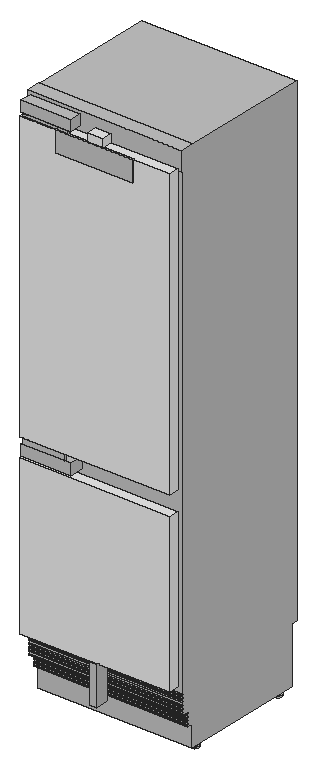
Revit family "FP_Revit_18_RS2484WLU1_Fridge_90001067A", category Specialty Equipment, Revit 2018 (continued)
Definition of nested family "Handle Professional Round - Vertical"
  Automatic sketch dimensions
    Sweep 5 sketch curve to profile plane = 3 mm  (x2)
    Extrusion 6 sketch curve to plane 3 "Center (Left/Right)" = 0 mm
    Extrusion 6 sketch curve to plane 3 "Center (Left/Right)" = 18.5 mm
    plane 1 "Center (Front/Back)" to Extrusion 6 sketch curve = 41.7 mm
    Extrusion 6 sketch curve to Extrusion 6 sketch curve = 41.7 mm
    Extrusion 7 sketch curve to plane 3 "Center (Left/Right)" = 0 mm
    Extrusion 7 sketch curve to plane 3 "Center (Left/Right)" = 18.5 mm
    plane 1 "Center (Front/Back)" to Extrusion 7 sketch curve = 41.7 mm
    Extrusion 7 sketch curve to Extrusion 7 sketch curve = 41.7 mm
    radius of Extrusion 3 sketch curve = 12.7 mm
Definition of nested family "Handle Professional Round Flush - Vertical"
  Parameters (values of type "AHP3-RD84 - Professional round flush handle (Vertical) 677mm")
    URL = "www.fisherpaykel.com"
    Material - Handle = none
    Manufacturer = "Fisher & Paykel Appliances"
    Handle - Length = 677 mm
  Types (4): name
    (no name)
    AHP3RD2484W - Professional round flush handle (1 of 2) (Vertical) 677mm
    AHP3RD3084W - Professional round flush handle (1 of 2) (Vertical) 677mm
    AHP3-RD84 - Professional round flush handle (Vertical) 677mm
  Reference planes
    plane 1 "Center (Front/Back)": y = 0
    plane 2: z = 0
    plane 3 "Center (Left/Right)": x = 0
    plane 4 "Top": z = 338.5
    plane 5 "Bottom": z = -338.5
    plane 6 "Top Standoff": z = 303.5
    plane 7 "Bottom Standoff": z = -303.5
  Forms (mm)
    Extrusion 1, solid, material <- "Material - Handle", detail levels fine
      sketch origin (0, 0, 0) x (1, 0, 0) y (0, 1, 0)
        loop
          arc (-12.817, -46.665) -> (0, -58.016) -> (12.817, -46.665) r 12.912
          line (12.817, -46.665) -> (18.5, 0) -> (-18.5, 0) -> (-12.817, -46.665)
      from 303.5 to 338.5
    Extrusion 2, solid, material <- "Material - Handle", detail levels fine
      sketch origin (0, 0, 0) x (1, 0, 0) y (0, 1, 0)
        loop
          arc (-12.817, -46.665) -> (0, -58.016) -> (12.817, -46.665) r 12.912
          line (12.817, -46.665) -> (18.5, 0) -> (-18.5, 0) -> (-12.817, -46.665)
      from -338.5 to -303.5
    Extrusion 3, solid, material <- "Material - Handle"
      sketch origin (0, 0, 0) x (1, 0, 0) y (0, 1, 0)
        loop
          circle (0, -45.116) r 12.7
      from -303.5 to 303.5
    Sweep 4, void
      path in 3D
        loop
          line (18.5, 0, 338.5) -> (12.817, -46.665, 338.5)
          arc (12.817, -46.665, 338.5) -> (0, -58.016, 338.5) -> (-12.817, -46.665, 338.5) r 12.912
          line (-12.817, -46.665, 338.5) -> (-18.5, 0, 338.5)
      profile origin (0, -58.016, 338.5) x (0, -1, 0) y (0, 0, 1)
        loop
          line (0, 0) -> (-1.5, 0) -> (0, -1.5) -> (0, 0)
    Sweep 5, void
      path in 3D
        loop
          line (-18.5, 0, -338.5) -> (-12.817, -46.665, -338.5)
          arc (-12.817, -46.665, -338.5) -> (0, -58.016, -338.5) -> (12.817, -46.665, -338.5) r 12.912
          line (12.817, -46.665, -338.5) -> (18.5, 0, -338.5)
      profile origin (0, -58.016, -338.5) x (0, -1, 0) y (0, 0, -1)
        loop
          line (0, 0) -> (-1.5, 0) -> (0, -1.5) -> (0, 0)
    Extrusion 6, solid, material <- "Material - Handle", detail levels coarse+medium
      sketch origin (0, 0, 0) x (1, 0, 0) y (0, 1, 0)
        loop
          arc (-12.817, -46.665) -> (0, -58.016) -> (12.817, -46.665) r 12.912
          line (12.817, -46.665) -> (18.5, 0) -> (-18.5, 0) -> (-12.817, -46.665)
      from 303.5 to 338.5
    Extrusion 7, solid, material <- "Material - Handle", detail levels coarse+medium
      sketch origin (0, 0, 0) x (1, 0, 0) y (0, 1, 0)
        loop
          arc (-12.817, -46.665) -> (0, -58.016) -> (12.817, -46.665) r 12.912
          line (12.817, -46.665) -> (18.5, 0) -> (-18.5, 0) -> (-12.817, -46.665)
      from -338.5 to -303.5
  Cuts and joins
    Sweep 4 cuts Extrusion 1
    Sweep 5 cuts Extrusion 2
  Lines and regions (mm)
    sketch lines
      curve 1: arc (12.817, -46.665, 338.5) -> (0, -58.016, 338.5) -> (-12.817, -46.665, 338.5) r 12.912
      curve 2: line (12.817, -46.665, 338.5) -> (18.5, 0, 338.5)
      curve 3: line (-18.5, 0, 338.5) -> (-12.817, -46.665, 338.5)
      curve 4: arc (-12.817, -46.665, -338.5) -> (0, -58.016, -338.5) -> (12.817, -46.665, -338.5) r 12.912
      curve 5: line (18.5, 0, -338.5) -> (12.817, -46.665, -338.5)
      curve 6: line (-12.817, -46.665, -338.5) -> (-18.5, 0, -338.5)
  Dimensions and locks
    equal spacing: plane 4 "Top", level, plane 5 "Bottom"
    "Handle - Length": plane 4 "Top" to plane 5 "Bottom"
    aligned and locked: level to plane 2
    aligned and locked: plane 4 "Top" to Extrusion 1
    aligned and locked: Extrusion 1 to plane 6 "Top Standoff"
    aligned and locked: Extrusion 2 to plane 5 "Bottom"
    aligned and locked: plane 1 "Center (Front/Back)" to Extrusion 2 sketch curve
    aligned and locked: plane 6 "Top Standoff" to Extrusion 3
    aligned and locked: Extrusion 3 to plane 7 "Bottom Standoff"
  Automatic sketch dimensions
    plane 1 "Center (Front/Back)" to Extrusion 1 sketch curve = 0 mm
    Extrusion 1 sketch curve to plane 3 "Center (Left/Right)" = 0 mm
    Extrusion 1 sketch curve to plane 3 "Center (Left/Right)" = 12.817 mm
    Extrusion 1 sketch curve to plane 3 "Center (Left/Right)" = 18.5 mm
    plane 3 "Center (Left/Right)" to Extrusion 1 sketch curve = 12.817 mm
    plane 3 "Center (Left/Right)" to Extrusion 1 sketch curve = 18.5 mm
    plane 1 "Center (Front/Back)" to Extrusion 1 sketch curve = 45.104 mm
    Extrusion 1 sketch curve to Extrusion 1 sketch curve = 1.561 mm
    Extrusion 2 sketch curve to plane 3 "Center (Left/Right)" = 0 mm
    Extrusion 2 sketch curve to plane 3 "Center (Left/Right)" = 12.817 mm
    Extrusion 2 sketch curve to plane 3 "Center (Left/Right)" = 18.5 mm
    plane 3 "Center (Left/Right)" to Extrusion 2 sketch curve = 12.817 mm
    plane 3 "Center (Left/Right)" to Extrusion 2 sketch curve = 18.5 mm
    plane 1 "Center (Front/Back)" to Extrusion 2 sketch curve = 45.104 mm
    Extrusion 2 sketch curve to Extrusion 2 sketch curve = 1.561 mm
    Extrusion 3 sketch curve to plane 3 "Center (Left/Right)" = 0 mm
    plane 1 "Center (Front/Back)" to Extrusion 3 sketch curve = 45.116 mm
    Sweep 4 sketch curve to profile plane = 0 mm  (x2)
    profile plane to Sweep 4 sketch curve = 1.5 mm
    Sweep 4 sketch curve to profile plane = 1.5 mm
    profile plane to Sweep 5 sketch curve = 0 mm
    Sweep 5 sketch curve to profile plane = 0 mm
    profile plane to Sweep 5 sketch curve = 1.5 mm
    Sweep 5 sketch curve to profile plane = 1.5 mm
    Extrusion 6 sketch curve to plane 3 "Center (Left/Right)" = 0 mm
    Extrusion 6 sketch curve to plane 3 "Center (Left/Right)" = 12.817 mm
    Extrusion 6 sketch curve to plane 3 "Center (Left/Right)" = 18.5 mm
    plane 3 "Center (Left/Right)" to Extrusion 6 sketch curve = 12.817 mm
    plane 3 "Center (Left/Right)" to Extrusion 6 sketch curve = 18.5 mm
    plane 1 "Center (Front/Back)" to Extrusion 6 sketch curve = 46.665 mm
    Extrusion 6 sketch curve to Extrusion 6 sketch curve = 1.561 mm
    Extrusion 6 sketch curve to Extrusion 6 sketch curve = 46.665 mm
    Extrusion 7 sketch curve to plane 3 "Center (Left/Right)" = 0 mm
    Extrusion 7 sketch curve to plane 3 "Center (Left/Right)" = 12.817 mm
    Extrusion 7 sketch curve to plane 3 "Center (Left/Right)" = 18.5 mm
    plane 3 "Center (Left/Right)" to Extrusion 7 sketch curve = 12.817 mm
    plane 3 "Center (Left/Right)" to Extrusion 7 sketch curve = 18.5 mm
    plane 1 "Center (Front/Back)" to Extrusion 7 sketch curve = 46.665 mm
    Extrusion 7 sketch curve to Extrusion 7 sketch curve = 1.561 mm
    Extrusion 7 sketch curve to Extrusion 7 sketch curve = 46.665 mm
    radius of Extrusion 3 sketch curve = 12.7 mm
Definition of nested family "Handle Professional Square - Vertical"
  Parameters (values of type "AHV2RS3272A - Professional square handle (1 of 2) (Vertical) 727mm")
    URL = "www.fisherpaykel.com"
    Material - Handle = none
    Manufacturer = "Fisher & Paykel Appliances"
    Handle - Length = 727 mm
  Types (5, lengths in mm): name | Handle - Length
    (no name) | 727
    AHV2RD2484W - Professional square handle (1 of 2) (Vertical) 727mm | 727
    AHV2RD3084W - Professional square handle (1 of 2) (Vertical) 727mm | 727
    AHV2-RD84 - Professional square handle (Vertical) 792mm | 792
    AHV2RS3272A - Professional square handle (1 of 2) (Vertical) 727mm | 727
  Reference planes
    plane 1 "Center (Front/Back)": y = 0
    plane 2: z = 0
    plane 3 "Center (Left/Right)": x = 0
    plane 4 "Top": z = 363.5
    plane 5 "Bottom": z = -363.5
    plane 6 "Top Standoff": z = 313.5
    plane 7 "Bottom Standoff": z = -313.5
  Forms (mm)
    Extrusion 1, solid, material <- "Material - Handle", detail levels fine
      sketch origin (0, 0, 0) x (0, 1, 0) y (0, 0, 1)
        loop
          line (0, 363.5) -> (-40, 363.5)
          arc (-40, 363.5) -> (-47.071, 360.571) -> (-50, 353.5) r 10
          line (-50, 353.5) -> (-50, 313.5) -> (0, 313.5) -> (0, 363.5)
        loop
          line (0, -363.5) -> (0, -313.5) -> (-50, -313.5) -> (-50, -353.5)
          arc (-50, -353.5) -> (-47.071, -360.571) -> (-40, -363.5) r 10
          line (-40, -363.5) -> (0, -363.5)
      from -17.5 to 17.5
    Sweep 2, void
      path in 3D
        loop
          line (17.5, 0, 363.5) -> (17.5, -40, 363.5)
          arc (17.5, -40, 363.5) -> (17.5, -47.071, 360.571) -> (17.5, -50, 353.5) r 10
          line (17.5, -50, 353.5) -> (17.5, -50, 313.5)
      profile origin (17.5, -20, 363.5) x (1, 0, 0) y (0, 0, 1)
        loop
          line (0, 0) -> (-2.5, 0) -> (0, -2.5) -> (0, 0)
    Sweep 3, void
      path in 3D
        loop
          line (-17.5, -50, 313.5) -> (-17.5, -50, 353.5)
          arc (-17.5, -50, 353.5) -> (-17.5, -47.071, 360.571) -> (-17.5, -40, 363.5) r 10
          line (-17.5, -40, 363.5) -> (-17.5, 0, 363.5)
      profile origin (-17.5, -20, 363.5) x (-1, 0, 0) y (0, 0, 1)
        loop
          line (0, 0) -> (-2.5, 0) -> (0, -2.5) -> (0, 0)
    Sweep 4, void
      path in 3D
        loop
          line (17.5, -50, -313.5) -> (17.5, -50, -353.5)
          arc (17.5, -50, -353.5) -> (17.5, -47.071, -360.571) -> (17.5, -40, -363.5) r 10
          line (17.5, -40, -363.5) -> (17.5, 0, -363.5)
      profile origin (17.5, -20, -363.5) x (1, 0, 0) y (0, 0, -1)
        loop
          line (0, 0) -> (-2.5, 0) -> (0, -2.5) -> (0, 0)
    Sweep 5, void
      path in 3D
        loop
          line (-17.5, 0, -363.5) -> (-17.5, -40, -363.5)
          arc (-17.5, -40, -363.5) -> (-17.5, -47.071, -360.571) -> (-17.5, -50, -353.5) r 10
          line (-17.5, -50, -353.5) -> (-17.5, -50, -313.5)
      profile origin (-17.5, -20, -363.5) x (-1, 0, 0) y (0, 0, -1)
        loop
          line (0, 0) -> (-2.5, 0) -> (0, -2.5) -> (0, 0)
    Extrusion 6, solid, material <- "Material - Handle", detail levels fine
      sketch origin (0, 0, 0) x (1, 0, 0) y (0, 1, 0)
        loop
          line (-15.5, -36.737) -> (-15.5, -46.422) -> (-14.172, -47.75) -> (14.172, -47.75) -> (15.5, -46.422) -> (15.5, -36.737)
          arc (15.5, -36.737) -> (0, -32.25) -> (-15.5, -36.737) r 29.013
      from -313.5 to 313.5
    Extrusion 7, solid, material <- "Material - Handle", detail levels coarse+medium
      sketch origin (0, 0, 0) x (0, 1, 0) y (0, 0, 1)
        loop
          line (0, 363.5) -> (-40, 363.5)
          arc (-40, 363.5) -> (-47.071, 360.571) -> (-50, 353.5) r 10
          line (-50, 353.5) -> (-50, -353.5)
          arc (-50, -353.5) -> (-47.071, -360.571) -> (-40, -363.5) r 10
          line (-40, -363.5) -> (0, -363.5) -> (0, -313.5) -> (-31.95, -313.5) -> (-31.95, 313.5) -> (0, 313.5) -> (0, 363.5)
      from -17.5 to 17.5
  Cuts and joins
    Sweep 2, Sweep 3, Sweep 4, Sweep 5 cuts Extrusion 1
  Lines and regions (mm)
    sketch lines
      curve 1: line (17.5, 0, 363.5) -> (17.5, -40, 363.5)
      curve 2: arc (17.5, -50, 353.5) -> (17.5, -47.071, 360.571) -> (17.5, -40, 363.5) r 10
      curve 3: line (17.5, -50, 353.5) -> (17.5, -50, 313.5)
      curve 4: line (-17.5, -40, 363.5) -> (-17.5, 0, 363.5)
      curve 5: arc (-17.5, -40, 363.5) -> (-17.5, -47.071, 360.571) -> (-17.5, -50, 353.5) r 10
      curve 6: line (-17.5, -50, 313.5) -> (-17.5, -50, 353.5)
      curve 7: line (17.5, -40, -363.5) -> (17.5, 0, -363.5)
      curve 8: arc (17.5, -40, -363.5) -> (17.5, -47.071, -360.571) -> (17.5, -50, -353.5) r 10
      curve 9: line (17.5, -50, -313.5) -> (17.5, -50, -353.5)
      curve 10: line (-17.5, 0, -363.5) -> (-17.5, -40, -363.5)
      curve 11: arc (-17.5, -50, -353.5) -> (-17.5, -47.071, -360.571) -> (-17.5, -40, -363.5) r 10
      curve 12: line (-17.5, -50, -353.5) -> (-17.5, -50, -313.5)
  Dimensions and locks
    equal spacing: plane 4 "Top", level, plane 5 "Bottom"
    "Handle - Length": plane 4 "Top" to plane 5 "Bottom"
    plane 7 "Bottom Standoff" to plane 5 "Bottom" = 50 mm
    plane 4 "Top" to plane 6 "Top Standoff" = 50 mm
    aligned and locked: level to plane 2
    aligned and locked: plane 4 "Top" to Extrusion 1 sketch curve
    aligned and locked: plane 5 "Bottom" to Extrusion 1 sketch curve
    aligned and locked: Extrusion 1 sketch curve to plane 1 "Center (Front/Back)"
    aligned and locked: plane 1 "Center (Front/Back)" to Extrusion 1 sketch curve
    aligned and locked: plane 6 "Top Standoff" to Extrusion 1 sketch curve
    aligned and locked: plane 7 "Bottom Standoff" to Extrusion 1 sketch curve
    aligned and locked: plane 6 "Top Standoff" to Extrusion 6
    aligned and locked: Extrusion 6 to plane 7 "Bottom Standoff"
    aligned and locked: plane 4 "Top" to Extrusion 7 sketch curve
    aligned and locked: plane 6 "Top Standoff" to Extrusion 7 sketch curve
    aligned and locked: plane 1 "Center (Front/Back)" to Extrusion 7 sketch curve
    aligned and locked: plane 7 "Bottom Standoff" to Extrusion 7 sketch curve
    aligned and locked: plane 5 "Bottom" to Extrusion 7 sketch curve
    aligned and locked: Extrusion 7 sketch curve to plane 1 "Center (Front/Back)"
  Automatic sketch dimensions
    Sweep 2 sketch curve to profile plane = 0 mm
    profile plane to Sweep 2 sketch curve = 0 mm
    profile plane to Sweep 2 sketch curve = 2.5 mm
    Sweep 2 sketch curve to profile plane = 2.5 mm
    Sweep 3 sketch curve to profile plane = 0 mm  (x2)
    profile plane to Sweep 3 sketch curve = 2.5 mm
    Sweep 3 sketch curve to profile plane = 2.5 mm
    Sweep 4 sketch curve to profile plane = 0 mm
    profile plane to Sweep 4 sketch curve = 0 mm
    profile plane to Sweep 4 sketch curve = 2.5 mm
    Sweep 4 sketch curve to profile plane = 2.5 mm
    Sweep 5 sketch curve to profile plane = 0 mm  (x2)
    profile plane to Sweep 5 sketch curve = 2.5 mm
    Sweep 5 sketch curve to profile plane = 2.5 mm
    plane 1 "Center (Front/Back)" to Extrusion 1 sketch curve = 40 mm  (x2)
    Extrusion 1 sketch curve to Extrusion 1 sketch curve = 10 mm  (x2)
    Extrusion 6 sketch curve to plane 3 "Center (Left/Right)" = 0 mm
    Extrusion 6 sketch curve to Extrusion 6 sketch curve = 1.328 mm  (x4)
    plane 1 "Center (Front/Back)" to Extrusion 6 sketch curve = 61.263 mm
    Extrusion 6 sketch curve to Extrusion 6 sketch curve = 13.513 mm
    Extrusion 6 sketch curve to Extrusion 6 sketch curve = 9.684 mm  (x2)
    Extrusion 6 sketch curve to plane 3 "Center (Left/Right)" = 14.172 mm
    plane 1 "Center (Front/Back)" to Extrusion 7 sketch curve = 31.95 mm
    plane 1 "Center (Front/Back)" to Extrusion 7 sketch curve = 40 mm  (x2)
    Extrusion 7 sketch curve to plane 4 "Top" = 10 mm
Definition of nested family "Handle Contemporary Round - Horizontal"
  Parameters (values of type "AHSRS80A - Contemporary round handle (2 of 2) (Horizontal) 646mm")
    URL = "www.fisherpaykel.com"
    Product - Width = 646 mm
    Material - Handle = none
    Manufacturer = "Fisher & Paykel Appliances"
  Types (5, lengths in mm): name | Product - Width
    (no name) | 646
    AHSRD2484W - Contemporary round handle (2 of 2) (Horizontal) 494mm | 494
    AHSRD3084W - Contemporary round handle (2 of 2) (Horizontal) 646mm | 646
    AHSRS3272A - Contemporary round handle (2 of 2) (Horizontal) 646mm | 646
    AHSRS80A - Contemporary round handle (2 of 2) (Horizontal) 646mm | 646
  Reference planes
    plane 1 "Center (Front/Back)": y = 0
    plane 2: z = 0
    plane 3 "Center (Left/Right)": x = 0
    plane 4 "Product LHS": x = -323
    plane 5 "Product RHS": x = 323
    plane 6 "LHS Standoff": x = -202.995
    plane 7 "RHS Standoff": x = 203.005
  Forms (mm)
    Extrusion 1, solid, material <- "Material - Handle"
      sketch origin (0, 0, 0) x (0, 1, 0) y (0, 0, 1)
        loop
          circle (-32.3, 0) r 8.7
      from -202.995 to 203.005
    Extrusion 2, solid, material <- "Material - Handle", detail levels fine
      sketch origin (0, 0, 0) x (0, 1, 0) y (0, 0, 1)
        loop
          line (0, 8.7) -> (-32.3, 8.7)
          arc (-32.3, 8.7) -> (-41, 0) -> (-32.3, -8.7) r 8.7
          line (-32.3, -8.7) -> (0, -8.7) -> (0, 8.7)
      from 203.005 to 323
    Extrusion 3, solid, material <- "Material - Handle", detail levels fine
      sketch origin (0, 0, 0) x (0, 1, 0) y (0, 0, -1)
        loop
          line (0, -8.7) -> (0, 8.7) -> (-32.3, 8.7)
          arc (-32.3, 8.7) -> (-41, 0) -> (-32.3, -8.7) r 8.7
          line (-32.3, -8.7) -> (0, -8.7)
      from 202.995 to 323
    Sweep 4, void
      path in 3D
        loop
          line (323, 0, 8.7) -> (323, -32.3, 8.7)
          arc (323, -32.3, 8.7) -> (323, -41, 0) -> (323, -32.3, -8.7) r 8.7
          line (323, -32.3, -8.7) -> (323, 0, -8.7)
      profile origin (323, -16.15, 8.7) x (1, 0, 0) y (0, 0, 1)
        loop
          line (0, 0) -> (-1, 0) -> (0, -1) -> (0, 0)
    Sweep 5, void
      path in 3D
        loop
          line (-323, 0, -8.7) -> (-323, -32.3, -8.7)
          arc (-323, -32.3, -8.7) -> (-323, -41, 0) -> (-323, -32.3, 8.7) r 8.7
          line (-323, -32.3, 8.7) -> (-323, 0, 8.7)
      profile origin (-323, -16.15, 8.7) x (-1, 0, 0) y (0, 0, 1)
        loop
          line (0, 0) -> (-1, 0) -> (0, -1) -> (0, 0)
    Extrusion 6, solid, material <- "Material - Handle", detail levels coarse+medium
      sketch origin (0, 0, 0) x (0, 1, 0) y (0, 0, 1)
        loop
          line (0, 8.7) -> (-32.3, 8.7)
          arc (-32.3, 8.7) -> (-41, 0) -> (-32.3, -8.7) r 8.7
          line (-32.3, -8.7) -> (0, -8.7) -> (0, 8.7)
      from 203.005 to 323
    Extrusion 7, solid, material <- "Material - Handle", detail levels coarse+medium
      sketch origin (0, 0, 0) x (0, 1, 0) y (0, 0, -1)
        loop
          line (0, -8.7) -> (0, 8.7) -> (-32.3, 8.7)
          arc (-32.3, 8.7) -> (-41, 0) -> (-32.3, -8.7) r 8.7
          line (-32.3, -8.7) -> (0, -8.7)
      from 202.995 to 323
  Cuts and joins
    Sweep 4 cuts Extrusion 2
    Sweep 5 cuts Extrusion 3
  Lines and regions (mm)
    sketch lines
      curve 1: line (323, 0, 8.7) -> (323, -32.3, 8.7)
      curve 2: arc (323, -32.3, -8.7) -> (323, -41, 0) -> (323, -32.3, 8.7) r 8.7
      curve 3: line (323, -32.3, -8.7) -> (323, 0, -8.7)
      curve 4: line (-323, -32.3, 8.7) -> (-323, 0, 8.7)
      curve 5: arc (-323, -32.3, 8.7) -> (-323, -41, 0) -> (-323, -32.3, -8.7) r 8.7
      curve 6: line (-323, 0, -8.7) -> (-323, -32.3, -8.7)
  Dimensions and locks
    equal spacing: plane 4 "Product LHS", plane 3 "Center (Left/Right)", plane 5 "Product RHS"
    "Product - Width": plane 4 "Product LHS" to plane 5 "Product RHS"
    locked: plane 4 "Product LHS" to plane 6 "LHS Standoff" at 120.005
    locked: plane 7 "RHS Standoff" to plane 5 "Product RHS" at 119.995
    equal spacing: Extrusion 2 sketch curve, level, Extrusion 2 sketch curve
    Extrusion 3 sketch curve to Extrusion 3 sketch curve = 17.4 mm
    Extrusion 6 sketch curve to Extrusion 6 sketch curve = 17.4 mm
    Extrusion 7 sketch curve to Extrusion 7 sketch curve = 17.4 mm
    aligned and locked: level to plane 2
    aligned and locked: plane 7 "RHS Standoff" to Extrusion 1
    aligned and locked: Extrusion 2 to Extrusion 1
    aligned and locked: Extrusion 2 to plane 5 "Product RHS"
    aligned and locked: plane 4 "Product LHS" to Extrusion 3
    aligned and locked: plane 6 "LHS Standoff" to Extrusion 3
    aligned and locked: Extrusion 1 to plane 6 "LHS Standoff"
    aligned and locked: Extrusion 6 to Extrusion 1
    aligned and locked: Extrusion 6 to plane 5 "Product RHS"
    aligned and locked: plane 4 "Product LHS" to Extrusion 7
    aligned and locked: Extrusion 7 to Extrusion 1
  Automatic sketch dimensions
    Extrusion 1 sketch curve to level = 0 mm
    plane 1 "Center (Front/Back)" to Extrusion 1 sketch curve = 32.3 mm
    Extrusion 2 sketch curve to plane 1 "Center (Front/Back)" = 0 mm
    Extrusion 2 sketch curve to level = 8.7 mm
    plane 1 "Center (Front/Back)" to Extrusion 2 sketch curve = 32.3 mm
    Extrusion 3 sketch curve to level = 0 mm
    Extrusion 3 sketch curve to plane 1 "Center (Front/Back)" = 0 mm
    Extrusion 3 sketch curve to level = 8.7 mm
    plane 1 "Center (Front/Back)" to Extrusion 3 sketch curve = 32.3 mm
    Sweep 4 sketch curve to profile plane = 0 mm
    profile plane to Sweep 4 sketch curve = 0 mm
    profile plane to Sweep 4 sketch curve = 1 mm
    Sweep 4 sketch curve to profile plane = 1 mm
    Sweep 5 sketch curve to profile plane = 0 mm  (x2)
    profile plane to Sweep 5 sketch curve = 1 mm
    Sweep 5 sketch curve to profile plane = 1 mm
    Extrusion 6 sketch curve to level = 0 mm
    level to Extrusion 6 sketch curve = 8.7 mm
    plane 1 "Center (Front/Back)" to Extrusion 6 sketch curve = 32.3 mm
    Extrusion 6 sketch curve to Extrusion 6 sketch curve = 32.3 mm
    Extrusion 7 sketch curve to level = 0 mm
    level to Extrusion 7 sketch curve = 8.7 mm
    plane 1 "Center (Front/Back)" to Extrusion 7 sketch curve = 32.3 mm
    Extrusion 7 sketch curve to Extrusion 7 sketch curve = 32.3 mm
    radius of Extrusion 1 sketch curve = 8.7 mm
Definition of nested family "Handle Contemporary Square - Horizontal"
  Parameters (values of type "AHD3RD3084W - Contemporary square handle (2 of 2) (Horizontal) 646mm")
    URL = "www.fisherpaykel.com"
    Material - Handle = none
    Manufacturer = "Fisher & Paykel Appliances"
    Handle - Length = 646 mm
  Types (5, lengths in mm): name | Handle - Length
    (no name) | 646
    AHD3RD2484W - Contemporary square handle (2 of 2) (Horizontal) 494mm | 494
    AHD3RD3084W - Contemporary square handle (2 of 2) (Horizontal) 646mm | 646
    AHD3RS3272A - Contemporary square handle (2 of 2) (Horizontal) 646mm | 646
    AHD3RS80A - Contemporary square handle (2 of 2) (Horizontal) 646mm | 646
  Reference planes
    plane 1 "Center (Front/Back)": y = 0
    plane 2: z = 0
    plane 3 "Center (Left/Right)": x = 0
    plane 4 "Product LHS": x = -323
    plane 5 "Product RHS": x = 323
    plane 6 "LHS Standoff": x = -202.995
    plane 7 "RHS Standoff": x = 203.005
  Forms (mm)
    Extrusion 1, solid, material <- "Material - Handle", detail levels fine
      sketch origin (0, 0, 0) x (0, 1, 0) y (0, 0, 1)
        loop
          arc (-28.701, 7.561) -> (-29.057, 7.868) -> (-29.514, 7.978) r 1
          line (-29.514, 7.978) -> (-40.5, 7.978)
          arc (-40.5, 7.978) -> (-41.561, 7.539) -> (-42, 6.478) r 1.5
          line (-42, 6.478) -> (-42, -6.522)
          arc (-42, -6.522) -> (-41.561, -7.583) -> (-40.5, -8.022) r 1.5
          line (-40.5, -8.022) -> (-29.487, -8.022)
          arc (-29.487, -8.022) -> (-29.029, -7.911) -> (-28.673, -7.602) r 1
          arc (-28.673, -7.602) -> (-26.256, -0.016) -> (-28.701, 7.561) r 13.038
      from -323 to 323
    Extrusion 2, solid, material <- "Material - Handle", detail levels fine
      sketch origin (0, 0, 0) x (0, 1, 0) y (0, 0, 1)
        loop
          arc (-28.23, 7.062) -> (-26.156, 0.008) -> (-28.198, -7.056) r 13.136
          arc (-28.198, -7.056) -> (-28.21, -7.463) -> (-27.86, -7.67) r 0.4
          line (-27.86, -7.67) -> (0, -7.67) -> (0, 7.678) -> (-27.893, 7.678)
          arc (-27.893, 7.678) -> (-28.244, 7.47) -> (-28.23, 7.062) r 0.4
      from 203.005 to 323
    Extrusion 3, solid, material <- "Material - Handle", detail levels fine
      sketch origin (0, 0, 0) x (0, 1, 0) y (0, 0, -1)
        loop
          arc (-28.23, -7.062) -> (-28.244, -7.47) -> (-27.893, -7.678) r 0.4
          line (-27.893, -7.678) -> (0, -7.678) -> (0, 7.67) -> (-27.86, 7.67)
          arc (-27.86, 7.67) -> (-28.21, 7.463) -> (-28.198, 7.056) r 0.4
          arc (-28.198, 7.056) -> (-26.156, -0.008) -> (-28.23, -7.062) r 13.136
      from 202.995 to 323
    Sweep 4, void
      path in 3D
        loop
          line (323, -29.514, 7.978) -> (323, -40.5, 7.978)
          arc (323, -40.5, 7.978) -> (323, -41.561, 7.539) -> (323, -42, 6.478) r 1.5
          line (323, -42, 6.478) -> (323, -42, -6.522)
          arc (323, -42, -6.522) -> (323, -41.561, -7.583) -> (323, -40.5, -8.022) r 1.5
          line (323, -40.5, -8.022) -> (323, -29.487, -8.022)
      profile origin (323, -35.007, 7.978) x (1, 0, 0) y (0, 0, 1)
        loop
          line (0, 0) -> (-1.3, 0) -> (0, -1.3) -> (0, 0)
    Sweep 5, void
      path in 3D
        loop
          line (-323, -29.487, -8.022) -> (-323, -40.5, -8.022)
          arc (-323, -40.5, -8.022) -> (-323, -41.561, -7.583) -> (-323, -42, -6.522) r 1.5
          line (-323, -42, -6.522) -> (-323, -42, 6.478)
          arc (-323, -42, 6.478) -> (-323, -41.561, 7.539) -> (-323, -40.5, 7.978) r 1.5
          line (-323, -40.5, 7.978) -> (-323, -29.514, 7.978)
      profile origin (-323, -35.007, 7.978) x (-1, 0, 0) y (0, 0, 1)
        loop
          line (0, 0) -> (-1.3, 0) -> (0, -1.3) -> (0, 0)
    Extrusion 6, void
      sketch origin (0, 0, 0) x (1, 0, 0) y (0, 0, 1)
        loop
          line (323, 7.978) -> (321.7, 7.978) -> (323, 6.678) -> (323, 7.978)
        loop
          line (323, -8.022) -> (323, -6.722) -> (321.7, -8.022) -> (323, -8.022)
      from 0 to 40
    Extrusion 7, void
      sketch origin (0, 0, 0) x (1, 0, 0) y (0, 0, 1)
        loop
          line (-323, 7.978) -> (-323, 6.678) -> (-321.7, 7.978) -> (-323, 7.978)
        loop
          line (-323, -8.022) -> (-321.7, -8.022) -> (-323, -6.722) -> (-323, -8.022)
      from 0 to 40
    Extrusion 8, solid, material <- "Material - Handle", detail levels coarse+medium
      sketch origin (0, 0, 0) x (1, 0, 0) y (0, 1, 0)
        loop
          line (-323, -42) -> (323, -42) -> (323, 0) -> (203.005, 0) -> (203.005, -26.156) -> (-202.995, -26.156) -> (-202.995, 0) -> (-323, 0) -> (-323, -42)
      from -8.022 to 7.978
  Cuts and joins
    Sweep 4, Sweep 5, Extrusion 6, Extrusion 7 cuts Extrusion 1
    Extrusion 6 cuts Extrusion 2
    Extrusion 7 cuts Extrusion 3
  Lines and regions (mm)
    sketch lines
      curve 1: line (323, -29.514, 7.978) -> (323, -40.5, 7.978)
      curve 2: arc (323, -42, 6.478) -> (323, -41.561, 7.539) -> (323, -40.5, 7.978) r 1.5
      curve 3: line (323, -42, 6.478) -> (323, -42, -6.522)
      curve 4: arc (323, -40.5, -8.022) -> (323, -41.561, -7.583) -> (323, -42, -6.522) r 1.5
      curve 5: line (323, -40.5, -8.022) -> (323, -29.487, -8.022)
      curve 6: line (-323, -40.5, 7.978) -> (-323, -29.514, 7.978)
      curve 7: arc (-323, -40.5, 7.978) -> (-323, -41.561, 7.539) -> (-323, -42, 6.478) r 1.5
      curve 8: line (-323, -42, -6.522) -> (-323, -42, 6.478)
      curve 9: arc (-323, -42, -6.522) -> (-323, -41.561, -7.583) -> (-323, -40.5, -8.022) r 1.5
      curve 10: line (-323, -29.487, -8.022) -> (-323, -40.5, -8.022)
  Dimensions and locks
    equal spacing: plane 4 "Product LHS", plane 3 "Center (Left/Right)", plane 5 "Product RHS"
    "Handle - Length": plane 4 "Product LHS" to plane 5 "Product RHS"
    locked: plane 4 "Product LHS" to plane 6 "LHS Standoff" at 120.005
    locked: plane 7 "RHS Standoff" to plane 5 "Product RHS" at 119.995
    aligned and locked: level to plane 2
    aligned and locked: Extrusion 1 to plane 5 "Product RHS"
    aligned and locked: plane 4 "Product LHS" to Extrusion 1
    aligned and locked: Extrusion 2 to plane 5 "Product RHS"
    aligned and locked: plane 4 "Product LHS" to Extrusion 3
    aligned and locked: plane 4 "Product LHS" to Extrusion 8 sketch curve
    aligned and locked: Extrusion 8 sketch curve to plane 5 "Product RHS"
    aligned and locked: Extrusion 8 sketch curve to plane 7 "RHS Standoff"
    aligned and locked: plane 6 "LHS Standoff" to Extrusion 8 sketch curve
    aligned and locked: Extrusion 2 to plane 7 "RHS Standoff"
    aligned and locked: plane 6 "LHS Standoff" to Extrusion 3
  Automatic sketch dimensions
    Extrusion 1 sketch curve to level = 6.522 mm
    plane 1 "Center (Front/Back)" to Extrusion 1 sketch curve = 42 mm
    Extrusion 1 sketch curve to Extrusion 1 sketch curve = 1.5 mm  (x2)
    Extrusion 1 sketch curve to level = 0.04 mm
    Extrusion 1 sketch curve to Extrusion 1 sketch curve = 1.206 mm
    level to Extrusion 1 sketch curve = 6.978 mm
    Extrusion 1 sketch curve to Extrusion 1 sketch curve = 10.986 mm
    Extrusion 1 sketch curve to Extrusion 1 sketch curve = 11.013 mm
    Extrusion 1 sketch curve to Extrusion 1 sketch curve = 1 mm
    level to Extrusion 1 sketch curve = 6.478 mm
    Extrusion 1 sketch curve to Extrusion 1 sketch curve = 0 mm
    Extrusion 2 sketch curve to plane 1 "Center (Front/Back)" = 0 mm
    Extrusion 2 sketch curve to level = 7.67 mm
    Extrusion 2 sketch curve to Extrusion 2 sketch curve = 27.86 mm
    level to Extrusion 2 sketch curve = 7.678 mm
    Extrusion 2 sketch curve to Extrusion 2 sketch curve = 0.033 mm
    Extrusion 2 sketch curve to level = 0.022 mm
    Extrusion 2 sketch curve to Extrusion 2 sketch curve = 11.398 mm
    Extrusion 2 sketch curve to Extrusion 2 sketch curve = 0.4 mm  (x2)
    Extrusion 2 sketch curve to Extrusion 2 sketch curve = 0 mm
    Extrusion 3 sketch curve to plane 1 "Center (Front/Back)" = 0 mm
    Extrusion 3 sketch curve to level = 7.67 mm
    Extrusion 3 sketch curve to Extrusion 3 sketch curve = 27.86 mm
    level to Extrusion 3 sketch curve = 7.678 mm
    Extrusion 3 sketch curve to Extrusion 3 sketch curve = 0.033 mm
    Extrusion 3 sketch curve to level = 0.022 mm
    Extrusion 3 sketch curve to Extrusion 3 sketch curve = 11.398 mm
    Extrusion 3 sketch curve to Extrusion 3 sketch curve = 0.4 mm  (x2)
    Extrusion 3 sketch curve to Extrusion 3 sketch curve = 0 mm
    profile plane to Sweep 4 sketch curve = 0 mm
    Sweep 4 sketch curve to profile plane = 0 mm
    Sweep 4 sketch curve to profile plane = 1.3 mm
    profile plane to Sweep 4 sketch curve = 1.3 mm
    Sweep 5 sketch curve to profile plane = 0 mm  (x2)
    profile plane to Sweep 5 sketch curve = 1.3 mm
    Sweep 5 sketch curve to profile plane = 1.3 mm
    plane 5 "Product RHS" to Extrusion 6 sketch curve = 0 mm  (x2)
    Extrusion 6 sketch curve to Extrusion 6 sketch curve = 1.3 mm  (x4)
    Extrusion 6 sketch curve to level = 6.722 mm
    level to Extrusion 6 sketch curve = 6.678 mm
    plane 4 "Product LHS" to Extrusion 7 sketch curve = 0 mm  (x2)
    Extrusion 7 sketch curve to plane 4 "Product LHS" = 1.3 mm  (x2)
    Extrusion 7 sketch curve to level = 8.022 mm
    level to Extrusion 7 sketch curve = 6.678 mm
    Extrusion 7 sketch curve to Extrusion 7 sketch curve = 1.3 mm  (x2)
    plane 1 "Center (Front/Back)" to Extrusion 8 sketch curve = 0 mm  (x2)
    Extrusion 8 sketch curve to Extrusion 8 sketch curve = 26.156 mm
    Extrusion 8 sketch curve to Extrusion 8 sketch curve = 42 mm
Definition of nested family "F&P Handle Kit - Contemporary Square Fine - Horizontal"
  Parameters (values of type "AHD5RD2484W - Contemporary square fine handle (2 of 2) (Horizontal) 494mm")
    URL = "www.fisherpaykel.com"
    Material - Handle = none
    Manufacturer = "Fisher & Paykel Appliances"
    Handle - Length = 494 mm
  Types (15, lengths in mm): name | Handle - Length
    (no name) | 494
    AHD5RD2484W - Contemporary square fine handle (2 of 2) (Horizontal) 494mm | 494
    AHD5RD2484WB - Contemporary square fine black handle (2 of 2) (Horizontal) 494mm | 494
    AHD5RD3084W - Contemporary square fine handle (2 of 2) (Horizontal) 646mm | 646
    AHD5RD3084WB - Contemporary square fine black handle (2 of 2) (Horizontal) 646mm | 646
    AHD5RD7621W - Contemporary square fine handle (2 of 2) (Horizontal) 646mm | 646
    AHD5RD7621WB - Contemporary square fine handle black (2 of 2) (Horizontal) 646mm | 646
    AHD5RD6121W - Contemporary square fine handle (2 of 2) (Horizontal) 494mm | 494
    AHD5RD6121WB - Contemporary square fine handle black (2 of 2) (Horizontal) 494mm | 494
    AHD5RD36A - Contemporary square fine handle (2 of 2) (Horizontal) 746mm | 746
    AHD5RD36AB - Contemporary square fine black handle (2 of 2) (Horizontal) 746mm | 746
    AHD5RD90A - Contemporary square fine handle (2 of 2) (Horizontal) 746mm | 746
    AHD5RD80A - Contemporary square fine handle (2 of 2) (Horizontal) 646mm | 646
    AHD5RD80AB - Contemporary square fine black handle (2 of 2) (Horizontal) 646mm | 646
    AHD5RD90AB - Contemporary square fine black handle (2 of 2) (Horizontal) 746mm | 746
  Reference planes
    plane 1 "Center (Front/Back)": y = 0
    plane 2: z = 0
    plane 3 "Center (Left/Right)": x = 0
    plane 4 "Product LHS": x = -247
    plane 5 "Product RHS": x = 247
    plane 6 "LHS Standoff": x = -126.995
    plane 7 "RHS Standoff": x = 127.005
  Forms (mm)
    Extrusion 1, solid, material <- "Material - Handle", detail levels fine
      sketch origin (0, 0, 0) x (0, 1, 0) y (0, 0, 1)
        loop
          arc (-26.813, 6.16) -> (-27.196, 6.554) -> (-27.728, 6.686) r 1
          line (-27.728, 6.686) -> (-40.035, 6.256)
          arc (-40.035, 6.256) -> (-40.719, 5.951) -> (-41, 5.257) r 1
          line (-41, 5.257) -> (-41, -5.257)
          arc (-41, -5.257) -> (-40.719, -5.951) -> (-40.035, -6.256) r 1
          line (-40.035, -6.256) -> (-27.709, -6.686)
          arc (-27.709, -6.686) -> (-27.175, -6.554) -> (-26.792, -6.158) r 1
          arc (-26.792, -6.158) -> (-25.256, 0.004) -> (-26.813, 6.16) r 13.038
      from -247 to 247
    Extrusion 2, solid, material <- "Material - Handle", detail levels fine
      sketch origin (0, 0, 0) x (0, 1, 0) y (0, 0, 1)
        loop
          arc (-26.626, -6.008) -> (-26.614, -6.49) -> (-26.2, -6.737) r 0.5
          line (-26.2, -6.737) -> (0, -7.696) -> (0, 7.704) -> (-26.174, 6.747)
          arc (-26.174, 6.747) -> (-26.587, 6.5) -> (-26.6, 6.019) r 0.5
          arc (-26.6, 6.019) -> (-25.156, 0.002) -> (-26.626, -6.008) r 13.136
      from 127.005 to 247
    Extrusion 3, solid, material <- "Material - Handle", detail levels coarse+medium
      sketch origin (0, 0, 0) x (1, 0, 0) y (0, 1, 0)
        loop
          line (-247, -42) -> (247, -42) -> (247, 0) -> (127.005, 0) -> (127.005, -26.156) -> (-126.995, -26.156) -> (-126.995, 0) -> (-247, 0) -> (-247, -42)
      from -8.022 to 7.978
    Extrusion 4, solid, material <- "Material - Handle", detail levels fine
      sketch origin (0, 0, 0) x (0, 1, 0) y (0, 0, 1)
        loop
          arc (-26.626, -6.008) -> (-26.614, -6.49) -> (-26.2, -6.737) r 0.5
          line (-26.2, -6.737) -> (0, -7.696) -> (0, 7.704) -> (-26.174, 6.747)
          arc (-26.174, 6.747) -> (-26.587, 6.5) -> (-26.6, 6.019) r 0.5
          arc (-26.6, 6.019) -> (-25.156, 0.002) -> (-26.626, -6.008) r 13.136
      from -247 to -126.995
  Dimensions and locks
    equal spacing: plane 4 "Product LHS", plane 3 "Center (Left/Right)", plane 5 "Product RHS"
    "Handle - Length": plane 4 "Product LHS" to plane 5 "Product RHS"
    locked: plane 4 "Product LHS" to plane 6 "LHS Standoff" at 120.005
    locked: plane 7 "RHS Standoff" to plane 5 "Product RHS" at 119.995
    aligned and locked: level to plane 2
    aligned and locked: Extrusion 1 to plane 5 "Product RHS"
    aligned and locked: plane 4 "Product LHS" to Extrusion 1
    aligned and locked: Extrusion 2 to plane 5 "Product RHS"
    aligned and locked: plane 4 "Product LHS" to Extrusion 3 sketch curve
    aligned and locked: Extrusion 3 sketch curve to plane 5 "Product RHS"
    aligned and locked: Extrusion 3 sketch curve to plane 7 "RHS Standoff"
    aligned and locked: plane 6 "LHS Standoff" to Extrusion 3 sketch curve
    aligned and locked: plane 4 "Product LHS" to Extrusion 4
    aligned and locked: plane 6 "LHS Standoff" to Extrusion 4
    aligned and locked: Extrusion 2 to plane 7 "RHS Standoff"
  Automatic sketch dimensions
    Extrusion 1 sketch curve to level = 5.257 mm
    plane 1 "Center (Front/Back)" to Extrusion 1 sketch curve = 41 mm
    level to Extrusion 1 sketch curve = 6.256 mm
    Extrusion 1 sketch curve to Extrusion 1 sketch curve = 0.965 mm  (x2)
    Extrusion 1 sketch curve to level = 6.256 mm
    Extrusion 1 sketch curve to Extrusion 1 sketch curve = 0.035 mm  (x3)
    Extrusion 1 sketch curve to level = 0.018 mm
    Extrusion 1 sketch curve to Extrusion 1 sketch curve = 1.706 mm
    level to Extrusion 1 sketch curve = 6.686 mm
    Extrusion 1 sketch curve to Extrusion 1 sketch curve = 12.307 mm
    Extrusion 1 sketch curve to level = 6.686 mm
    Extrusion 1 sketch curve to Extrusion 1 sketch curve = 12.326 mm
    Extrusion 1 sketch curve to Extrusion 1 sketch curve = 0.999 mm  (x2)
    Extrusion 1 sketch curve to Extrusion 1 sketch curve = 0 mm
    Extrusion 2 sketch curve to plane 1 "Center (Front/Back)" = 0 mm
    level to Extrusion 2 sketch curve = 6.247 mm
    plane 1 "Center (Front/Back)" to Extrusion 2 sketch curve = 26.155 mm
    level to Extrusion 2 sketch curve = 6.747 mm
    Extrusion 2 sketch curve to Extrusion 2 sketch curve = 0.018 mm  (x2)
    Extrusion 2 sketch curve to level = 6.238 mm
    Extrusion 2 sketch curve to Extrusion 2 sketch curve = 0.026 mm
    Extrusion 2 sketch curve to level = 6.737 mm
    level to Extrusion 2 sketch curve = 0.03 mm
    Extrusion 2 sketch curve to Extrusion 2 sketch curve = 12.11 mm
    Extrusion 2 sketch curve to level = 7.696 mm
    level to Extrusion 2 sketch curve = 7.704 mm
    Extrusion 2 sketch curve to Extrusion 2 sketch curve = 0 mm
    plane 1 "Center (Front/Back)" to Extrusion 3 sketch curve = 42 mm
    Extrusion 3 sketch curve to Extrusion 3 sketch curve = 15.844 mm
    Extrusion 3 sketch curve to Extrusion 3 sketch curve = 26.156 mm  (x2)
    level to Extrusion 4 sketch curve = 0.03 mm
    plane 1 "Center (Front/Back)" to Extrusion 4 sketch curve = 38.291 mm
    Extrusion 4 sketch curve to level = 6.737 mm
    Extrusion 4 sketch curve to Extrusion 4 sketch curve = 12.091 mm
    Extrusion 4 sketch curve to Extrusion 4 sketch curve = 0.018 mm  (x2)
    level to Extrusion 4 sketch curve = 6.747 mm
    Extrusion 4 sketch curve to Extrusion 4 sketch curve = 0.008 mm
    level to Extrusion 4 sketch curve = 7.704 mm
    Extrusion 4 sketch curve to Extrusion 4 sketch curve = 26.174 mm
    Extrusion 4 sketch curve to level = 7.696 mm
    Extrusion 4 sketch curve to Extrusion 4 sketch curve = 0.5 mm  (x2)
    Extrusion 4 sketch curve to Extrusion 4 sketch curve = 0 mm
Definition of nested family "Handle Professional Round - Horizontal"
  Parameters (values of type "AHCRD2484W - Professional round handle (2 of 2) (Horizontal) 428mm")
    URL = "www.fisherpaykel.com"
    Material - Standoff = none
    Material - Handle = none
    Manufacturer = "Fisher & Paykel Appliances"
    Handle - Length = 428 mm
  Types (4, lengths in mm): name | Handle - Length
    (no name) | 428
    AHCRD2484W - Professional round handle (2 of 2) (Horizontal) 428mm | 428
    AHCRD3084W - Professional round handle (2 of 2) (Horizontal) 580mm | 646
    AHCRS3272A - Professional round handle (2 of 2) (Horizontal) 580mm | 646
  Reference planes
    plane 1 "Center (Front/Back)": y = 0
    plane 2: z = 0
    plane 3 "Center (Left/Right)": x = 0
    plane 4 "Product LHS": x = -214
    plane 5 "Product RHS": x = 214
    plane 6 "LHS Standoff": x = -170
    plane 7 "RHS Standoff": x = 170
  Forms (mm)
    Extrusion 1, solid, material <- "Material - Standoff", detail levels fine
      sketch origin (0, 0, 0) x (0, 1, 0) y (0, 0, 1)
        loop
          line (0, 18.5) -> (-41.7, 18.5)
          arc (-41.7, 18.5) -> (-60.2, 0) -> (-41.7, -18.5) r 18.5
          line (-41.7, -18.5) -> (0, -18.5) -> (0, 18.5)
      from 170 to 214
    Extrusion 2, solid, material <- "Material - Standoff", detail levels fine
      sketch origin (0, 0, 0) x (0, 1, 0) y (0, 0, 1)
        loop
          line (0, 18.5) -> (-41.7, 18.5)
          arc (-41.7, 18.5) -> (-60.2, 0) -> (-41.7, -18.5) r 18.5
          line (-41.7, -18.5) -> (0, -18.5) -> (0, 18.5)
      from -214 to -170
    Sweep 3, void
      path in 3D
        loop
          line (214, 0, 18.5) -> (214, -41.7, 18.5)
          arc (214, -41.7, 18.5) -> (214, -60.2, 0) -> (214, -41.7, -18.5) r 18.5
          line (214, -41.7, -18.5) -> (214, 0, -18.5)
      profile origin (214, -20.85, 18.5) x (1, 0, 0) y (0, 0, 1)
        loop
          line (0, 0) -> (-3, 0) -> (0, -3) -> (0, 0)
    Sweep 4, void
      path in 3D
        loop
          line (-214, 0, -18.5) -> (-214, -41.7, -18.5)
          arc (-214, -41.7, -18.5) -> (-214, -60.2, 0) -> (-214, -41.7, 18.5) r 18.5
          line (-214, -41.7, 18.5) -> (-214, 0, 18.5)
      profile origin (-214, -20.85, 18.5) x (-1, 0, 0) y (0, 0, 1)
        loop
          line (0, 0) -> (-3, 0) -> (0, -3) -> (0, 0)
    Extrusion 5, solid, material <- "Material - Handle"
      sketch origin (0, -2.3, 0) x (0, 1, 0) y (0, 0, 1)
        loop
          circle (-39.4, 0) r 12.7
      from -170 to 170
    Extrusion 6, solid, material <- "Material - Standoff", detail levels coarse+medium
      sketch origin (0, 0, 0) x (0, 1, 0) y (0, 0, 1)
        loop
          line (0, 18.5) -> (-41.7, 18.5)
          arc (-41.7, 18.5) -> (-60.2, 0) -> (-41.7, -18.5) r 18.5
          line (-41.7, -18.5) -> (0, -18.5) -> (0, 18.5)
      from 214 to 170
    Extrusion 7, solid, material <- "Material - Standoff", detail levels coarse+medium
      sketch origin (0, 0, 0) x (0, 1, 0) y (0, 0, 1)
        loop
          line (0, 18.5) -> (-41.7, 18.5)
          arc (-41.7, 18.5) -> (-60.2, 0) -> (-41.7, -18.5) r 18.5
          line (-41.7, -18.5) -> (0, -18.5) -> (0, 18.5)
      from -170 to -214
  Cuts and joins
    Sweep 3 cuts Extrusion 1
    Sweep 4 cuts Extrusion 2
  Lines and regions (mm)
    sketch lines
      curve 1: line (214, 0, 18.5) -> (214, -41.7, 18.5)
      curve 2: arc (214, -41.7, -18.5) -> (214, -60.2, 0) -> (214, -41.7, 18.5) r 18.5
      curve 3: line (214, -41.7, -18.5) -> (214, 0, -18.5)
      curve 4: line (-214, -41.7, 18.5) -> (-214, 0, 18.5)
      curve 5: arc (-214, -41.7, 18.5) -> (-214, -60.2, 0) -> (-214, -41.7, -18.5) r 18.5
      curve 6: line (-214, 0, -18.5) -> (-214, -41.7, -18.5)
  Dimensions and locks
    equal spacing: plane 4 "Product LHS", plane 3 "Center (Left/Right)", plane 5 "Product RHS"
    "Handle - Length": plane 4 "Product LHS" to plane 5 "Product RHS"
    plane 4 "Product LHS" to plane 6 "LHS Standoff" = 44 mm
    plane 7 "RHS Standoff" to plane 5 "Product RHS" = 44 mm
    aligned and locked: level to plane 2
    aligned and locked: Extrusion 1 to plane 7 "RHS Standoff"
    aligned and locked: Extrusion 1 to plane 5 "Product RHS"
    aligned and locked: plane 4 "Product LHS" to Extrusion 2
    aligned and locked: plane 6 "LHS Standoff" to Extrusion 2
    aligned and locked: Extrusion 5 to plane 6 "LHS Standoff"
    aligned and locked: plane 7 "RHS Standoff" to Extrusion 5
    aligned and locked: plane 5 "Product RHS" to Extrusion 6
    aligned and locked: plane 7 "RHS Standoff" to Extrusion 6
    aligned and locked: Extrusion 7 to plane 4 "Product LHS"
    aligned and locked: Extrusion 7 to plane 6 "LHS Standoff"
  Automatic sketch dimensions
    Extrusion 1 sketch curve to level = 0 mm
    Extrusion 1 sketch curve to plane 1 "Center (Front/Back)" = 0 mm
    Extrusion 1 sketch curve to level = 18.5 mm
    plane 1 "Center (Front/Back)" to Extrusion 1 sketch curve = 41.7 mm
    Extrusion 2 sketch curve to level = 0 mm
    Extrusion 2 sketch curve to plane 1 "Center (Front/Back)" = 0 mm
    Extrusion 2 sketch curve to level = 18.5 mm
    plane 1 "Center (Front/Back)" to Extrusion 2 sketch curve = 41.7 mm
    Sweep 3 sketch curve to profile plane = 0 mm
    profile plane to Sweep 3 sketch curve = 0 mm
    profile plane to Sweep 3 sketch curve = 3 mm
    Sweep 3 sketch curve to profile plane = 3 mm
    Sweep 4 sketch curve to profile plane = 0 mm  (x2)
    profile plane to Sweep 4 sketch curve = 3 mm
    Sweep 4 sketch curve to profile plane = 3 mm
    Extrusion 5 sketch curve to level = 0 mm
    plane 1 "Center (Front/Back)" to Extrusion 5 sketch curve = 41.7 mm
    Extrusion 6 sketch curve to level = 0 mm
    level to Extrusion 6 sketch curve = 18.5 mm
    plane 1 "Center (Front/Back)" to Extrusion 6 sketch curve = 41.7 mm
    Extrusion 6 sketch curve to Extrusion 6 sketch curve = 41.7 mm
    Extrusion 7 sketch curve to level = 0 mm
    level to Extrusion 7 sketch curve = 18.5 mm
    plane 1 "Center (Front/Back)" to Extrusion 7 sketch curve = 41.7 mm
    Extrusion 7 sketch curve to Extrusion 7 sketch curve = 41.7 mm
    radius of Extrusion 5 sketch curve = 12.7 mm
Definition of nested family "Handle Professional Round Flush - Horizontal"
  Parameters (values of type "AHP3RD36W - Professional round flush handle (2 of 2) (Horizontal) 727mm")
    URL = "www.fisherpaykel.com"
    Material - Handle = none
    Manufacturer = "Fisher & Paykel Appliances"
    Handle - Length = 727 mm
  Types (3, lengths in mm): name | Handle - Length
    AHP3RD2484W - Professional round flush handle (2 of 2) (Horizontal) 443mm | 443
    AHP3RD3084W - Professional round flush handle (2 of 2) (Horizontal) 596mm | 596
    AHP3RD36W - Professional round flush handle (2 of 2) (Horizontal) 727mm | 727
  Reference planes
    plane 1 "Center (Front/Back)": y = 0
    plane 2: z = 0
    plane 3 "Center (Left/Right)": x = 0
    plane 4 "Product LHS": x = -363.5
    plane 5 "Product RHS": x = 363.5
    plane 6 "LHS Standoff": x = -303.5
    plane 7 "RHS Standoff": x = 303.5
  Forms (mm)
    Extrusion 1, solid, material <- "Material - Handle", detail levels fine
      sketch origin (0, 0, 0) x (0, 1, 0) y (0, 0, 1)
        loop
          line (0, 12.8) -> (-45.117, 12.8)
          arc (-45.117, 12.8) -> (-57.807, 1.671) -> (-48.43, -12.364) r 12.8
          line (-48.43, -12.364) -> (0, -25.341) -> (0, 12.8)
      from 303.5 to 363.5
    Extrusion 2, solid, material <- "Material - Handle"
      sketch origin (0, 0, 0) x (0, 1, 0) y (0, 0, 1)
        loop
          circle (-45.117, 0) r 12.8
      from -303.5 to 303.5
    Sweep 3, void
      path origin (363.5, 0, 0) x (0, -1, 0) y (0, 0, 1)
        loop
          line (-1, 12.8) -> (45.117, 12.8)
          arc (45.117, 12.8) -> (57.807, 1.671) -> (48.43, -12.364) r 12.8
          line (48.43, -12.364) -> (-1, -25.609)
      profile origin (363.5, -22.058, 12.8) x (0, 0, 1) y (-1, 0, 0)
        loop
          line (1, -1) -> (1, 2.6) -> (-2.6, -1) -> (1, -1)
    Extrusion 4, solid, material <- "Material - Handle", detail levels fine
      sketch origin (0, 0, 0) x (0, 1, 0) y (0, 0, -1)
        loop
          line (0, -12.8) -> (0, 25.341) -> (-48.43, 12.364)
          arc (-48.43, 12.364) -> (-57.807, -1.671) -> (-45.117, -12.8) r 12.8
          line (-45.117, -12.8) -> (0, -12.8)
      from 303.5 to 363.5
    Sweep 5, void
      path origin (-363.5, 0, 0) x (0, -1, 0) y (0, 0, -1)
        loop
          line (-1, -12.8) -> (45.117, -12.8)
          arc (45.117, -12.8) -> (57.807, -1.671) -> (48.43, 12.364) r 12.8
          line (48.43, 12.364) -> (-1, 25.609)
      profile origin (-363.5, -22.058, 12.8) x (0, 0, -1) y (1, 0, 0)
        loop
          line (-1, -1) -> (2.6, -1) -> (-1, 2.6) -> (-1, -1)
    Extrusion 6, solid, material <- "Material - Handle", detail levels coarse+medium
      sketch origin (0, 0, 0) x (0, 1, 0) y (0, 0, 1)
        loop
          line (0, 12.8) -> (-45.117, 12.8)
          arc (-45.117, 12.8) -> (-57.807, 1.671) -> (-48.43, -12.364) r 12.8
          line (-48.43, -12.364) -> (0, -25.341) -> (0, 12.8)
      from 303.5 to 363.5
    Extrusion 7, solid, material <- "Material - Handle", detail levels coarse+medium
      sketch origin (0, 0, 0) x (0, 1, 0) y (0, 0, -1)
        loop
          line (0, -12.8) -> (0, 25.341) -> (-48.43, 12.364)
          arc (-48.43, 12.364) -> (-57.807, -1.671) -> (-45.117, -12.8) r 12.8
          line (-45.117, -12.8) -> (0, -12.8)
      from 303.5 to 363.5
  Cuts and joins
    Sweep 3, Sweep 5 cuts Extrusion 1
    Sweep 5 cuts Extrusion 4
  Dimensions and locks
    equal spacing: plane 4 "Product LHS", plane 3 "Center (Left/Right)", plane 5 "Product RHS"
    "Handle - Length": plane 4 "Product LHS" to plane 5 "Product RHS"
    plane 7 "RHS Standoff" to plane 5 "Product RHS" = 60 mm
    plane 4 "Product LHS" to plane 6 "LHS Standoff" = 60 mm
    aligned and locked: level to plane 2
    aligned and locked: Extrusion 1 to plane 5 "Product RHS"
    aligned and locked: Extrusion 1 to plane 7 "RHS Standoff"
    aligned and locked: plane 6 "LHS Standoff" to Extrusion 4
    aligned and locked: plane 4 "Product LHS" to Extrusion 4
    aligned and locked: plane 7 "RHS Standoff" to Extrusion 2
    aligned and locked: Extrusion 2 to plane 6 "LHS Standoff"
    aligned and locked: plane 6 "LHS Standoff" to Extrusion 7
    aligned and locked: plane 4 "Product LHS" to Extrusion 7
    aligned and locked: Extrusion 6 to plane 7 "RHS Standoff"
    aligned and locked: Extrusion 6 to plane 5 "Product RHS"
  Automatic sketch dimensions
    Extrusion 1 sketch curve to level = 0 mm
    Extrusion 1 sketch curve to plane 1 "Center (Front/Back)" = 0 mm
    plane 1 "Center (Front/Back)" to Extrusion 1 sketch curve = 45.117 mm
    Extrusion 1 sketch curve to level = 12.364 mm
    Extrusion 1 sketch curve to Extrusion 1 sketch curve = 3.313 mm
    Extrusion 1 sketch curve to level = 25.341 mm
    Sweep 3 sketch curve to level = 0 mm
    plane 1 "Center (Front/Back)" to Sweep 3 sketch curve = 45.117 mm
    Sweep 3 sketch curve to level = 12.364 mm
    Sweep 3 sketch curve to Sweep 3 sketch curve = 3.313 mm
    Sweep 3 sketch curve to plane 1 "Center (Front/Back)" = 1 mm  (x2)
    Sweep 3 sketch curve to level = 25.609 mm
    Sweep 3 sketch curve to plane 5 "Product RHS" = 1 mm
    profile plane to Sweep 3 sketch curve = 2.6 mm
    Sweep 3 sketch curve to profile plane = 1 mm
    plane 5 "Product RHS" to Sweep 3 sketch curve = 2.6 mm
    Extrusion 4 sketch curve to level = 0 mm
    Extrusion 4 sketch curve to plane 1 "Center (Front/Back)" = 0 mm
    plane 1 "Center (Front/Back)" to Extrusion 4 sketch curve = 45.117 mm
    Extrusion 4 sketch curve to level = 12.364 mm
    Extrusion 4 sketch curve to Extrusion 4 sketch curve = 3.313 mm
    Extrusion 4 sketch curve to level = 25.341 mm
    Sweep 5 sketch curve to level = 0 mm
    plane 1 "Center (Front/Back)" to Sweep 5 sketch curve = 45.117 mm
    Sweep 5 sketch curve to level = 12.364 mm
    Sweep 5 sketch curve to Sweep 5 sketch curve = 3.313 mm
    Sweep 5 sketch curve to plane 1 "Center (Front/Back)" = 1 mm  (x2)
    Sweep 5 sketch curve to level = 25.609 mm
    profile plane to Sweep 5 sketch curve = 1 mm
    Sweep 5 sketch curve to profile plane = 1 mm
    Sweep 5 sketch curve to profile plane = 2.6 mm
    profile plane to Sweep 5 sketch curve = 2.6 mm
    Extrusion 6 sketch curve to level = 0 mm
    Extrusion 6 sketch curve to level = 12.364 mm
    plane 1 "Center (Front/Back)" to Extrusion 6 sketch curve = 48.43 mm
    level to Extrusion 6 sketch curve = 12.8 mm
    Extrusion 6 sketch curve to Extrusion 6 sketch curve = 45.117 mm
    Extrusion 6 sketch curve to level = 25.341 mm
    Extrusion 7 sketch curve to level = 0 mm
    Extrusion 7 sketch curve to level = 12.364 mm
    plane 1 "Center (Front/Back)" to Extrusion 7 sketch curve = 48.43 mm
    level to Extrusion 7 sketch curve = 12.8 mm
    Extrusion 7 sketch curve to Extrusion 7 sketch curve = 45.117 mm
    Extrusion 7 sketch curve to level = 25.341 mm
    Extrusion 2 sketch curve to level = 0 mm
    plane 1 "Center (Front/Back)" to Extrusion 2 sketch curve = 45.117 mm
    radius of Extrusion 2 sketch curve = 12.8 mm
Definition of nested family "Handle Professional Square - Horizontal"
  Parameters (values of type "AHV2RD3084W - Professional square handle (2 of 2) (Horizontal) 586mm")
    URL = "www.fisherpaykel.com"
    Material - Handle = none
    Manufacturer = "Fisher & Paykel Appliances"
    Handle - Length = 586 mm
  Types (4, lengths in mm): name | Handle - Length
    (no name) | 586
    AHV2RD2484W - Professional square handle (2 of 2) (Horizontal) 434mm | 434
    AHV2RD3084W - Professional square handle (2 of 2) (Horizontal) 586mm | 586
    AHV2RS3272A - Professional square handle (2 of 2) (Horizontal) 586mm | 586
  Reference planes
    plane 1 "Center (Front/Back)": y = 0
    plane 2: z = 0
    plane 3 "Center (Left/Right)": x = 0
    plane 4 "Product LHS": x = -293
    plane 5 "Product RHS": x = 293
    plane 6 "LHS Standoff": x = -243
    plane 7 "RHS Standoff": x = 243
  Forms (mm)
    Extrusion 1, solid, material <- "Material - Handle", detail levels fine
      sketch origin (0, 0, 0) x (1, 0, 0) y (0, 1, 0)
        loop
          line (-293, 0) -> (-293, -40)
          arc (-293, -40) -> (-290.071, -47.071) -> (-283, -50) r 10
          line (-283, -50) -> (-243, -50) -> (-243, 0) -> (-293, 0)
        loop
          line (293, 0) -> (243, 0) -> (243, -50) -> (283, -50)
          arc (283, -50) -> (290.071, -47.071) -> (293, -40) r 10
          line (293, -40) -> (293, 0)
      from -17.5 to 17.5
    Extrusion 2, solid, material <- "Material - Handle", detail levels fine
      sketch origin (0, 0, 0) x (0, 1, 0) y (0, 0, 1)
        loop
          line (-36.787, 15.5) -> (-46.472, 15.5) -> (-47.8, 14.172) -> (-47.8, -14.172) -> (-46.472, -15.5) -> (-36.787, -15.5)
          arc (-36.787, -15.5) -> (-32.3, 0) -> (-36.787, 15.5) r 29.013
      from -243 to 243
    Sweep 3, void
      path in 3D
        loop
          line (243, -50, 17.5) -> (283, -50, 17.5)
          arc (283, -50, 17.5) -> (290.071, -47.071, 17.5) -> (293, -40, 17.5) r 10
          line (293, -40, 17.5) -> (293, 0, 17.5)
      profile origin (293, -20, 17.5) x (-1, 0, 0) y (0, 0, 1)
        loop
          line (0, 0) -> (0, -2.5) -> (2.5, 0) -> (0, 0)
    Sweep 4, void
      path in 3D
        loop
          line (293, 0, -17.5) -> (293, -40, -17.5)
          arc (293, -40, -17.5) -> (290.071, -47.071, -17.5) -> (283, -50, -17.5) r 10
          line (283, -50, -17.5) -> (243, -50, -17.5)
      profile origin (293, -20, -17.5) x (-1, 0, 0) y (0, 0, -1)
        loop
          line (0, 0) -> (0, -2.5) -> (2.5, 0) -> (0, 0)
    Sweep 5, void
      path in 3D
        loop
          line (-293, 0, 17.5) -> (-293, -40, 17.5)
          arc (-293, -40, 17.5) -> (-290.071, -47.071, 17.5) -> (-283, -50, 17.5) r 10
          line (-283, -50, 17.5) -> (-243, -50, 17.5)
      profile origin (-293, -20, 17.5) x (1, 0, 0) y (0, 0, 1)
        loop
          line (0, 0) -> (0, -2.5) -> (2.5, 0) -> (0, 0)
    Sweep 6, void
      path in 3D
        loop
          line (-243, -50, -17.5) -> (-283, -50, -17.5)
          arc (-283, -50, -17.5) -> (-290.071, -47.071, -17.5) -> (-293, -40, -17.5) r 10
          line (-293, -40, -17.5) -> (-293, 0, -17.5)
      profile origin (-293, -20, -17.5) x (1, 0, 0) y (0, 0, -1)
        loop
          line (0, 0) -> (0, -2.5) -> (2.5, 0) -> (0, 0)
    Extrusion 7, solid, material <- "Material - Handle", detail levels coarse+medium
      sketch origin (0, 0, 0) x (1, 0, 0) y (0, 1, 0)
        loop
          line (-243, 0) -> (-293, 0) -> (-293, -40)
          arc (-293, -40) -> (-290.071, -47.071) -> (-283, -50) r 10
          line (-283, -50) -> (283, -50)
          arc (283, -50) -> (290.071, -47.071) -> (293, -40) r 10
          line (293, -40) -> (293, 0) -> (243, 0) -> (243, -32) -> (-243, -32) -> (-243, 0)
      from -17.5 to 17.5
  Cuts and joins
    Sweep 3, Sweep 4, Sweep 5, Sweep 6 cuts Extrusion 1
  Lines and regions (mm)
    sketch lines
      curve 1: line (293, -40, 17.5) -> (293, 0, 17.5)
      curve 2: arc (293, -40, 17.5) -> (290.071, -47.071, 17.5) -> (283, -50, 17.5) r 10
      curve 3: line (243, -50, 17.5) -> (283, -50, 17.5)
      curve 4: line (293, 0, -17.5) -> (293, -40, -17.5)
      curve 5: arc (283, -50, -17.5) -> (290.071, -47.071, -17.5) -> (293, -40, -17.5) r 10
      curve 6: line (283, -50, -17.5) -> (243, -50, -17.5)
      curve 7: line (-293, 0, 17.5) -> (-293, -40, 17.5)
      curve 8: arc (-283, -50, 17.5) -> (-290.071, -47.071, 17.5) -> (-293, -40, 17.5) r 10
      curve 9: line (-283, -50, 17.5) -> (-243, -50, 17.5)
      curve 10: line (-293, -40, -17.5) -> (-293, 0, -17.5)
      curve 11: arc (-293, -40, -17.5) -> (-290.071, -47.071, -17.5) -> (-283, -50, -17.5) r 10
      curve 12: line (-243, -50, -17.5) -> (-283, -50, -17.5)
  Dimensions and locks
    equal spacing: plane 4 "Product LHS", plane 3 "Center (Left/Right)", plane 5 "Product RHS"
    "Handle - Length": plane 4 "Product LHS" to plane 5 "Product RHS"
    plane 4 "Product LHS" to plane 6 "LHS Standoff" = 50 mm
    plane 7 "RHS Standoff" to plane 5 "Product RHS" = 50 mm
